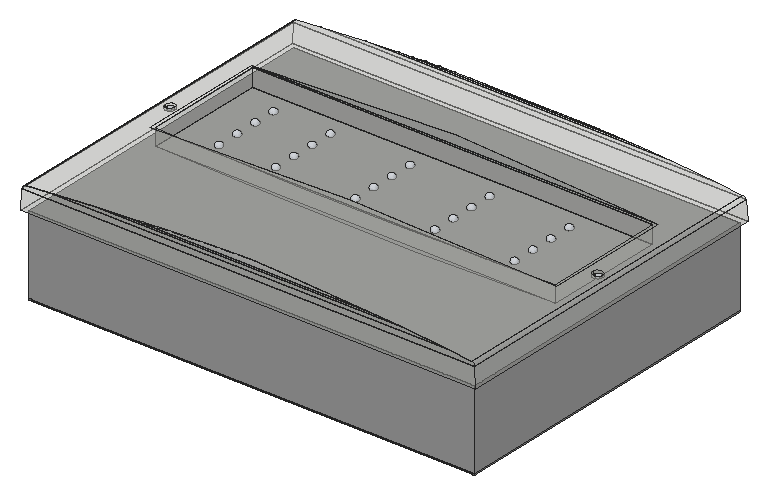
Revit family "Maxlogic Блок-шлюз GCU", category Fire Alarm Devices, host Face, Revit 2021
Family settings
  Host = Face
  Maintain Annotation Orientation = Yes
  Round Connector Dimension = Use Diameter
  Part Type = Normal
  OmniClass Number = 23.85.30.21
  OmniClass Title = Environmental Detection/Registration
  Cut with Voids When Loaded = No
  Shared = No
  Room Calculation Point = No
Parameters (values of type "Система Maxlogic блок-шлюз GCU, вкл. Источник питания 3A и модуль связи TCP / IP")
  Вес = "6,200 кг"
  Монтажный короб для установки извещателя с поверхностной прокладкой кабеля = ""
  Гарантийный срок = "Года"
  Гарантийный срок запчастей = "2"
  Гарантия срока службы = "2"
  Версия = ""
  URL = "https://www.mavili.com.tr/"
  Монтажный комплект для установки извещателя в подвесной потолок = ""
  Номер позы общественных работ = ""
  Класс защиты = ""
  Код продукта = "ML-1207.C"
  Номер телефона = "(+)90 216 466 45 05"
  Рабочее напряжение (по умолчанию) = ""
  Диапазон рабочего напряжения = ""
  Рабочая Температура = "(-5°C) - (+50°C)"
  Номинальная глубина = "100 мм"
  Номинальная ширина = "400 мм"
  Номинальная высота = "300 мм"
  Монтажная поверхность = "Настенная"
  Монтажная высота = ""
  Model = "Maxlogic"
  Manufacturer = "Mavili Elektronik Ticaret A.Ş."
  Инструкция по установке = "https://mavilielektronik.com/Revit/GCU_enkk.pdf"
  Выход индикации = ""
  Номер факса = "(+)90 216 466 45 10"
  Резервное питание = "220 В Перем. ток"
  Почта = "mavili@mavili.com.tr"
  Отказ = ""
  Настройка адреса устройства = ""
  Description = "Система Maxlogic блок-шлюз GCU, вкл. Источник питания 3A и модуль связи TCP / IP"
  Default Elevation = 0 mm
  Потребление тока = ""
  Валюта = ""
  Cost = 0
  Совместимые базы для монтажа = ""
  Цвет = "Белый"
  Производительность кода = "EN 54-4 / EN 54-18"
  Главный Материал = "Серый металлический"
  Вторичный материал = "Белый пластмассовый ABS"
  Аккумулятор = "2 X (12V DC 7 Ah )"
  Assembly Code = ""
  Адрес №1 = "Şerifali Mahallesi Kutup Sokak No:27/1-2-4 Ümraniye TR-34775 İSTANBUL"
Types (8, lengths in mm): name | Код продукта | Инструкция по установке | Description | Производительность кода | Аккумулятор
  (no name) | "ML-1207.C" | "https://mavilielektronik.com/Revit/GCU_enkk.pdf" | "Система Maxlogic блок-шлюз GCU, вкл. Источник питания 3A и модуль связи TCP / IP" | "EN 54-4 / EN 54-18" | "2 X (12V DC 7 Ah )"
  Система Maxlogic блок-шлюз GCU, вкл. Источник питания 3A и модуль связи TCP / IP | "ML-1207.C" | "https://mavilielektronik.com/Revit/GCU_enkk.pdf" | "Система Maxlogic блок-шлюз GCU, вкл. Источник питания 3A и модуль связи TCP / IP" | "EN 54-4 / EN 54-18" | "2 X (12V DC 7 Ah )"
  Система Maxlogic блок-шлюз GCU, вкл. Источник питания 3A и модуль связи GPRS | "ML-1207.G" | "https://mavilielektronik.com/Revit/GCU_enkk.pdf" | "Система Maxlogic блок-шлюз GCU, вкл. Источник питания 3A и модуль связи GPRS" | "EN 54-4 / EN 54-18" | "2 X (12V DC 7 Ah )"
  Система Maxlogic блок-шлюз GCU, вкл. Источник питания 3A и модуль связи RS-232 / RS-485 | "ML-1207.K" | "https://mavilielektronik.com/Revit/GCU_enkk.pdf" | "Система Maxlogic блок-шлюз GCU, вкл. Источник питания 3A и модуль связи RS-232 / RS-485" | "EN 54-4 / EN 54-18" | "2 X  (12В Пост. ток 7 Aм/ч. )"
  Система Maxlogic блок-шлюз GCU, вкл. Источник питания 3A и модуль связи Modbus | "ML-1207.MX" | "https://mavilielektronik.com/Revit/ML1207MX_ML1207B_enkk.pdf" | "Система Maxlogic блок-шлюз GCU, вкл. Источник питания 3A и модуль связи Modbus" | "EN 54-4 / EN 54-18" | "2 X  (12В Пост. ток 7 Aм/ч. )"
  Система Maxlogic блок-шлюз GCU, вкл. Источник питания 3A и модули связи TCP / IP, GPRS и RS-232 / RS-485 | "ML-1207.CGK" | "https://mavilielektronik.com/Revit/GCU_enkk.pdf" | "Система Maxlogic блок-шлюз GCU, вкл. Источник питания 3A и модули связи TCP / IP, GPRS и RS-232 / RS-485" | "EN 54-4 / EN 54-18" | "2 X  (12В Пост. ток 7 Aм/ч. )"
  Система Maxlogic блок-шлюз GCU, вкл. Источник питания 3A и модуль связи BACnet | "ML-1207.B" | "https://mavilielektronik.com/Revit/ML1207MX_ML1207B_enkk.pdf" | "Система Maxlogic блок-шлюз GCU, вкл. Источник питания 3A и модуль связи BACnet" | "EN 54-4 / EN 54-18" | "2 X  (12В Пост. ток 7 Aм/ч. )"
  Система Maxlogic блок-шлюз GCU, вкл. Источник питания 3A и модуль связи NTP Server | "ML-1207.NTP" | "https://mavilielektronik.com/Revit/ML1207NTP_kk.pdf" | "Система Maxlogic блок-шлюз GCU, вкл. Источник питания 3A и модуль связи NTP Server" | "" | "2 х (12В Пост. ток 7 Aм/ч. )"
Reference planes
  plane 1 "Center (Front/Back)": y = 0
  plane 2: z = 0
  plane 3 "Center (Left/Right)": x = 0
Forms (mm)
  Extrusion 1, solid, material "mavili arka kasa"
    sketch origin (-210, -150, 148.173) x (1, 0, 0) y (0, 0, -1)
      loop
        line (42.905, 77.3) -> (434.905, 77.3) -> (434.905, 146.904)
        arc (434.905, 146.904) -> (434.545, 147.715) -> (433.785, 148.173) r 1.476
        line (433.785, 148.173) -> (44.505, 148.173)
        arc (44.505, 148.173) -> (43.374, 147.704) -> (42.905, 146.573) r 1.6
        line (42.905, 146.573) -> (42.905, 77.3)
    from 0 to 300
  Extrusion 2, solid, material "Mavili beyaz"
    sketch origin (-210, -150, 148.173) x (1, 0, 0) y (0, 0, -1)
      loop
        line (38.905, 77.3) -> (39.824, 59.769)
        arc (39.824, 59.769) -> (40.651, 57.854) -> (42.526, 56.941) r 3
        arc (42.526, 56.941) -> (238.905, 47.3) -> (435.284, 56.941) r 2005
        arc (435.284, 56.941) -> (437.16, 57.854) -> (437.987, 59.769) r 3
        line (437.987, 59.769) -> (438.905, 77.3) -> (38.905, 77.3)
    from 0 to 300
  Extrusion 3, void
    sketch origin (-167.095, -150, 70.872) x (0, 0, 1) y (0, -1, 0)
      loop
        arc (-69.27, -296) -> (-70.403, -295.532) -> (-70.872, -294.4) r 1.6
        line (-70.872, -294.4) -> (-70.872, -300) -> (0, -300) -> (0, -296) -> (-69.27, -296)
    from 0 to 392
  Extrusion 4, void
    sketch origin (-167.095, 150, 70.872) x (0, 0, 1) y (0, -1, 0)
      loop
        line (-69.27, 296) -> (0, 296) -> (0, 300) -> (-70.872, 300) -> (-70.872, 294.4)
        arc (-70.872, 294.4) -> (-70.403, 295.532) -> (-69.27, 296) r 1.6
    from 0 to 392
  Extrusion 5, void
    sketch origin (-210, -150, 148.173) x (0, 0, -1) y (0, 1, 0)
      loop
        line (55.289, 116.326) -> (55.289, 228.158) -> (47.3, 228.297) -> (47.3, 111.721) -> (55.289, 116.326)
    from 0 to 497.127
  Extrusion 6, void
    sketch origin (-210, -150, 148.173) x (0, 0, -1) y (0, 1, 0)
      loop
        arc (47.3, 295.581) -> (48.124, 297.646) -> (50.143, 298.577) r 3
        line (50.143, 298.577) -> (51.913, 298.669) -> (55.057, 298.834) -> (59.769, 299.081) -> (77.3, 300) -> (50, 300) -> (47.3, 300) -> (47.3, 295.581)
    from 0 to 493.151
  Extrusion 7, void
    sketch origin (-210, 150, 148.173) x (0, 0, -1) y (0, 1, 0)
      loop
        line (47.3, -295.581) -> (47.3, -300) -> (50, -300) -> (77.3, -300) -> (59.769, -299.081) -> (55.057, -298.834) -> (51.913, -298.669) -> (50.143, -298.577)
        arc (50.143, -298.577) -> (48.124, -297.646) -> (47.3, -295.581) r 3
    from 0 to 493.151
  Extrusion 8, void
    sketch origin (-167.095, 146, 25.472) x (0, 0, -1) y (1, 0, 0)
      loop
        line (-13.523, 66.9) -> (-13.523, 68.054)
        arc (-13.523, 68.054) -> (-15, 68.144) -> (-16.477, 68.054) r 12.144
        line (-16.477, 68.054) -> (-16.477, 66.9)
        arc (-16.477, 66.9) -> (-26, 56.025) -> (-16.527, 45.106) r 11
        line (-16.527, 45.106) -> (-16.527, 43.952)
        arc (-16.527, 43.952) -> (-15, 43.856) -> (-13.473, 43.952) r 12.144
        line (-13.473, 43.952) -> (-13.473, 45.106)
        arc (-13.473, 45.106) -> (-4, 56.025) -> (-13.523, 66.9) r 11
    from 0 to 1
  Extrusion 9, void
    sketch origin (-127.095, 146, 25.472) x (0, 0, -1) y (1, 0, 0)
      loop
        line (-13.523, 66.9) -> (-13.523, 68.054)
        arc (-13.523, 68.054) -> (-15, 68.144) -> (-16.477, 68.054) r 12.144
        line (-16.477, 68.054) -> (-16.477, 66.9)
        arc (-16.477, 66.9) -> (-26, 56.025) -> (-16.527, 45.106) r 11
        line (-16.527, 45.106) -> (-16.527, 43.952)
        arc (-16.527, 43.952) -> (-15, 43.856) -> (-13.473, 43.952) r 12.144
        line (-13.473, 43.952) -> (-13.473, 45.106)
        arc (-13.473, 45.106) -> (-4, 56.025) -> (-13.523, 66.9) r 11
    from 0 to 1
  Extrusion 10, void
    sketch origin (-87.095, 146, 25.472) x (0, 0, -1) y (1, 0, 0)
      loop
        line (-13.523, 66.9) -> (-13.523, 68.054)
        arc (-13.523, 68.054) -> (-15, 68.144) -> (-16.477, 68.054) r 12.144
        line (-16.477, 68.054) -> (-16.477, 66.9)
        arc (-16.477, 66.9) -> (-26, 56.025) -> (-16.527, 45.106) r 11
        line (-16.527, 45.106) -> (-16.527, 43.952)
        arc (-16.527, 43.952) -> (-15, 43.856) -> (-13.473, 43.952) r 12.144
        line (-13.473, 43.952) -> (-13.473, 45.106)
        arc (-13.473, 45.106) -> (-4, 56.025) -> (-13.523, 66.9) r 11
    from 0 to 1
  Extrusion 11, void
    sketch origin (-47.095, 146, 25.472) x (0, 0, -1) y (1, 0, 0)
      loop
        line (-13.523, 66.9) -> (-13.523, 68.054)
        arc (-13.523, 68.054) -> (-15, 68.144) -> (-16.477, 68.054) r 12.144
        line (-16.477, 68.054) -> (-16.477, 66.9)
        arc (-16.477, 66.9) -> (-26, 56.025) -> (-16.527, 45.106) r 11
        line (-16.527, 45.106) -> (-16.527, 43.952)
        arc (-16.527, 43.952) -> (-15, 43.856) -> (-13.473, 43.952) r 12.144
        line (-13.473, 43.952) -> (-13.473, 45.106)
        arc (-13.473, 45.106) -> (-4, 56.025) -> (-13.523, 66.9) r 11
    from 0 to 1
  Extrusion 12, void
    sketch origin (-7.095, 146, 25.472) x (0, 0, -1) y (1, 0, 0)
      loop
        line (-13.523, 66.9) -> (-13.523, 68.054)
        arc (-13.523, 68.054) -> (-15, 68.144) -> (-16.477, 68.054) r 12.144
        line (-16.477, 68.054) -> (-16.477, 66.9)
        arc (-16.477, 66.9) -> (-26, 56.025) -> (-16.527, 45.106) r 11
        line (-16.527, 45.106) -> (-16.527, 43.952)
        arc (-16.527, 43.952) -> (-15, 43.856) -> (-13.473, 43.952) r 12.144
        line (-13.473, 43.952) -> (-13.473, 45.106)
        arc (-13.473, 45.106) -> (-4, 56.025) -> (-13.523, 66.9) r 11
    from 0 to 1
  Extrusion 13, void
    sketch origin (32.905, 146, 25.472) x (0, 0, -1) y (1, 0, 0)
      loop
        line (-13.523, 66.9) -> (-13.523, 68.054)
        arc (-13.523, 68.054) -> (-15, 68.144) -> (-16.477, 68.054) r 12.144
        line (-16.477, 68.054) -> (-16.477, 66.9)
        arc (-16.477, 66.9) -> (-26, 56.025) -> (-16.527, 45.106) r 11
        line (-16.527, 45.106) -> (-16.527, 43.952)
        arc (-16.527, 43.952) -> (-15, 43.856) -> (-13.473, 43.952) r 12.144
        line (-13.473, 43.952) -> (-13.473, 45.106)
        arc (-13.473, 45.106) -> (-4, 56.025) -> (-13.523, 66.9) r 11
    from 0 to 1
  Extrusion 14, void
    sketch origin (72.905, 146, 25.472) x (0, 0, -1) y (1, 0, 0)
      loop
        line (-13.523, 66.9) -> (-13.523, 68.054)
        arc (-13.523, 68.054) -> (-15, 68.144) -> (-16.477, 68.054) r 12.144
        line (-16.477, 68.054) -> (-16.477, 66.9)
        arc (-16.477, 66.9) -> (-26, 56.025) -> (-16.527, 45.106) r 11
        line (-16.527, 45.106) -> (-16.527, 43.952)
        arc (-16.527, 43.952) -> (-15, 43.856) -> (-13.473, 43.952) r 12.144
        line (-13.473, 43.952) -> (-13.473, 45.106)
        arc (-13.473, 45.106) -> (-4, 56.025) -> (-13.523, 66.9) r 11
    from 0 to 1
  Extrusion 15, void
    sketch origin (112.905, 146, 25.472) x (0, 0, -1) y (1, 0, 0)
      loop
        line (-13.523, 66.9) -> (-13.523, 68.054)
        arc (-13.523, 68.054) -> (-15, 68.144) -> (-16.477, 68.054) r 12.144
        line (-16.477, 68.054) -> (-16.477, 66.9)
        arc (-16.477, 66.9) -> (-26, 56.025) -> (-16.527, 45.106) r 11
        line (-16.527, 45.106) -> (-16.527, 43.952)
        arc (-16.527, 43.952) -> (-15, 43.856) -> (-13.473, 43.952) r 12.144
        line (-13.473, 43.952) -> (-13.473, 45.106)
        arc (-13.473, 45.106) -> (-4, 56.025) -> (-13.523, 66.9) r 11
    from 0 to 1
  Extrusion 16, void
    sketch origin (-210, -33.417, 92.884) x (-1, 0, 0) y (0, 1, 0)
      loop
        line (-62.836, 2.214) -> (-62.836, 108.579)
        spline (-62.836, 108.579) -> (-92.123, 108.62) -> (-121.442, 108.654) -> (-150.785, 108.681) -> (-180.148, 108.699) -> (-209.524, 108.711) -> (-238.905, 108.714) -> (-268.287, 108.711) -> (-297.662, 108.699) -> (-327.025, 108.681) -> (-356.369, 108.654) -> (-385.687, 108.62) -> (-414.974, 108.579)
        line (-414.974, 108.579) -> (-414.974, 2.214)
        spline (-414.974, 2.214) -> (-385.687, 0.847) -> (-356.369, -0.273) -> (-327.025, -1.144) -> (-297.662, -1.766) -> (-268.287, -2.14) -> (-238.905, -2.264) -> (-209.524, -2.14) -> (-180.148, -1.766) -> (-150.785, -1.144) -> (-121.442, -0.273) -> (-92.123, 0.847) -> (-62.836, 2.214)
    from 0 to 15
  Extrusion 17, void
    sketch origin (-210, -33.417, 92.884) x (-1, 0, 0) y (0, 1, 0)
      loop
        circle (-50.905, 33.417) r 4.25
    from 0 to 3
  Extrusion 18, solid
    sketch origin (-210, -33.442, 89.884) x (0, 1, 0) y (-1, 0, 0)
      loop
        line (35.753, -50.862) -> (34.597, -48.861) -> (32.286, -48.861) -> (31.13, -50.862) -> (32.286, -52.864) -> (34.597, -52.864) -> (35.753, -50.862)
    from 0 to 1
  Extrusion 19, void
    sketch origin (267.811, -33.417, 92.884) x (-1, 0, 0) y (0, 1, 0)
      loop
        circle (50.905, 33.417) r 4.25
    from 0 to 3
  Extrusion 20, solid
    sketch origin (267.811, -33.442, 89.884) x (0, 1, 0) y (-1, 0, 0)
      loop
        line (35.753, 50.862) -> (34.597, 52.864) -> (32.286, 52.864) -> (31.13, 50.862) -> (32.286, 48.861) -> (34.597, 48.861) -> (35.753, 50.862)
    from 0 to 1
  Revolve 21, solid
    sketch origin (-210, -33.417, 77.884) x (-1, 0, 0) y (0, -1, 0)
      loop
        line (-95.905, -93.417) -> (-95.905, -87.417)
        arc (-95.905, -87.417) -> (-98.905, -90.417) -> (-95.905, -93.417) r 3
      axis (-95.905, -93.417) -> (-95.905, -87.417)
    angle from 0 to -180
  Revolve 22, solid
    sketch origin (-160, -33.417, 77.884) x (-1, 0, 0) y (0, -1, 0)
      loop
        line (-95.905, -93.417) -> (-95.905, -87.417)
        arc (-95.905, -87.417) -> (-98.905, -90.417) -> (-95.905, -93.417) r 3
      axis (-95.905, -93.417) -> (-95.905, -87.417)
    angle from 0 to -180
  Revolve 23, solid
    sketch origin (-90, -33.417, 77.884) x (-1, 0, 0) y (0, -1, 0)
      loop
        line (-95.905, -93.417) -> (-95.905, -87.417)
        arc (-95.905, -87.417) -> (-98.905, -90.417) -> (-95.905, -93.417) r 3
      axis (-95.905, -93.417) -> (-95.905, -87.417)
    angle from 0 to -180
  Revolve 24, solid
    sketch origin (-20, -33.417, 77.884) x (-1, 0, 0) y (0, -1, 0)
      loop
        line (-95.905, -93.417) -> (-95.905, -87.417)
        arc (-95.905, -87.417) -> (-98.905, -90.417) -> (-95.905, -93.417) r 3
      axis (-95.905, -93.417) -> (-95.905, -87.417)
    angle from 0 to -180
  Revolve 25, solid
    sketch origin (50, -33.417, 77.884) x (-1, 0, 0) y (0, -1, 0)
      loop
        line (-95.905, -93.417) -> (-95.905, -87.417)
        arc (-95.905, -87.417) -> (-98.905, -90.417) -> (-95.905, -93.417) r 3
      axis (-95.905, -93.417) -> (-95.905, -87.417)
    angle from 0 to -180
  Revolve 26, solid
    sketch origin (-210, -53.417, 77.884) x (-1, 0, 0) y (0, -1, 0)
      loop
        line (-95.905, -93.417) -> (-95.905, -87.417)
        arc (-95.905, -87.417) -> (-98.905, -90.417) -> (-95.905, -93.417) r 3
      axis (-95.905, -93.417) -> (-95.905, -87.417)
    angle from 0 to -180
  Revolve 27, solid
    sketch origin (-160, -53.417, 77.884) x (-1, 0, 0) y (0, -1, 0)
      loop
        line (-95.905, -93.417) -> (-95.905, -87.417)
        arc (-95.905, -87.417) -> (-98.905, -90.417) -> (-95.905, -93.417) r 3
      axis (-95.905, -93.417) -> (-95.905, -87.417)
    angle from 0 to -180
  Revolve 28, solid
    sketch origin (-90, -53.417, 77.884) x (-1, 0, 0) y (0, -1, 0)
      loop
        line (-95.905, -93.417) -> (-95.905, -87.417)
        arc (-95.905, -87.417) -> (-98.905, -90.417) -> (-95.905, -93.417) r 3
      axis (-95.905, -93.417) -> (-95.905, -87.417)
    angle from 0 to -180
  Revolve 29, solid
    sketch origin (-20, -53.417, 77.884) x (-1, 0, 0) y (0, -1, 0)
      loop
        line (-95.905, -93.417) -> (-95.905, -87.417)
        arc (-95.905, -87.417) -> (-98.905, -90.417) -> (-95.905, -93.417) r 3
      axis (-95.905, -93.417) -> (-95.905, -87.417)
    angle from 0 to -180
  Revolve 30, solid
    sketch origin (50, -53.417, 77.884) x (-1, 0, 0) y (0, -1, 0)
      loop
        line (-95.905, -93.417) -> (-95.905, -87.417)
        arc (-95.905, -87.417) -> (-98.905, -90.417) -> (-95.905, -93.417) r 3
      axis (-95.905, -93.417) -> (-95.905, -87.417)
    angle from 0 to -180
  Revolve 31, solid
    sketch origin (-210, -73.417, 77.884) x (-1, 0, 0) y (0, -1, 0)
      loop
        line (-95.905, -93.417) -> (-95.905, -87.417)
        arc (-95.905, -87.417) -> (-98.905, -90.417) -> (-95.905, -93.417) r 3
      axis (-95.905, -93.417) -> (-95.905, -87.417)
    angle from 0 to -180
  Revolve 32, solid
    sketch origin (-160, -73.417, 77.884) x (-1, 0, 0) y (0, -1, 0)
      loop
        line (-95.905, -93.417) -> (-95.905, -87.417)
        arc (-95.905, -87.417) -> (-98.905, -90.417) -> (-95.905, -93.417) r 3
      axis (-95.905, -93.417) -> (-95.905, -87.417)
    angle from 0 to -180
  Revolve 33, solid
    sketch origin (-90, -73.417, 77.884) x (-1, 0, 0) y (0, -1, 0)
      loop
        line (-95.905, -93.417) -> (-95.905, -87.417)
        arc (-95.905, -87.417) -> (-98.905, -90.417) -> (-95.905, -93.417) r 3
      axis (-95.905, -93.417) -> (-95.905, -87.417)
    angle from 0 to -180
  Revolve 34, solid
    sketch origin (-20, -73.417, 77.884) x (-1, 0, 0) y (0, -1, 0)
      loop
        line (-95.905, -93.417) -> (-95.905, -87.417)
        arc (-95.905, -87.417) -> (-98.905, -90.417) -> (-95.905, -93.417) r 3
      axis (-95.905, -93.417) -> (-95.905, -87.417)
    angle from 0 to -180
  Revolve 35, solid
    sketch origin (50, -73.417, 77.884) x (-1, 0, 0) y (0, -1, 0)
      loop
        line (-95.905, -93.417) -> (-95.905, -87.417)
        arc (-95.905, -87.417) -> (-98.905, -90.417) -> (-95.905, -93.417) r 3
      axis (-95.905, -93.417) -> (-95.905, -87.417)
    angle from 0 to -180
  Revolve 36, solid
    sketch origin (-210, -93.417, 77.884) x (-1, 0, 0) y (0, -1, 0)
      loop
        line (-95.905, -93.417) -> (-95.905, -87.417)
        arc (-95.905, -87.417) -> (-98.905, -90.417) -> (-95.905, -93.417) r 3
      axis (-95.905, -93.417) -> (-95.905, -87.417)
    angle from 0 to -180
  Revolve 37, solid
    sketch origin (-160, -93.417, 77.884) x (-1, 0, 0) y (0, -1, 0)
      loop
        line (-95.905, -93.417) -> (-95.905, -87.417)
        arc (-95.905, -87.417) -> (-98.905, -90.417) -> (-95.905, -93.417) r 3
      axis (-95.905, -93.417) -> (-95.905, -87.417)
    angle from 0 to -180
  Revolve 38, solid
    sketch origin (-90, -93.417, 77.884) x (-1, 0, 0) y (0, -1, 0)
      loop
        line (-95.905, -93.417) -> (-95.905, -87.417)
        arc (-95.905, -87.417) -> (-98.905, -90.417) -> (-95.905, -93.417) r 3
      axis (-95.905, -93.417) -> (-95.905, -87.417)
    angle from 0 to -180
  Revolve 39, solid
    sketch origin (-20, -93.417, 77.884) x (-1, 0, 0) y (0, -1, 0)
      loop
        line (-95.905, -93.417) -> (-95.905, -87.417)
        arc (-95.905, -87.417) -> (-98.905, -90.417) -> (-95.905, -93.417) r 3
      axis (-95.905, -93.417) -> (-95.905, -87.417)
    angle from 0 to -180
  Revolve 40, solid
    sketch origin (50, -93.417, 77.884) x (-1, 0, 0) y (0, -1, 0)
      loop
        line (-95.905, -93.417) -> (-95.905, -87.417)
        arc (-95.905, -87.417) -> (-98.905, -90.417) -> (-95.905, -93.417) r 3
      axis (-95.905, -93.417) -> (-95.905, -87.417)
    angle from 0 to -180
Cuts and joins
  Extrusion 3, Extrusion 4, Extrusion 8, Extrusion 9, Extrusion 10, Extrusion 11, Extrusion 12, Extrusion 13, Extrusion 14, Extrusion 15 cuts Extrusion 1
  Extrusion 3, Extrusion 4, Extrusion 5, Extrusion 6, Extrusion 7, Extrusion 16, Extrusion 17, Extrusion 19 cuts Extrusion 2
  Extrusion 19 cuts Extrusion 18
Dimensions and locks
  aligned and locked: plane 2 to host face
  aligned and locked: level to host face
Connectors
  electrical at (29.145, 0, 0)
    settings: on cut or joined group of Extrusion 1, Extrusion 3, Extrusion 4, Extrusion 8, Extrusion 9, Extrusion 10, Extrusion 11, Extrusion 12, Extrusion 13, Extrusion 14, Extrusion 15, index 1, voltage 0 V, apparent load 0 VA, apparent load phase1 0 VA, apparent load phase2 0 VA, apparent load phase3 0 VA, power factor 1, load classification "Other", number of poles 1, system type 31, power factor state 1, is connector primary yes, connector utility no, sub classification motor no, connector description ""
